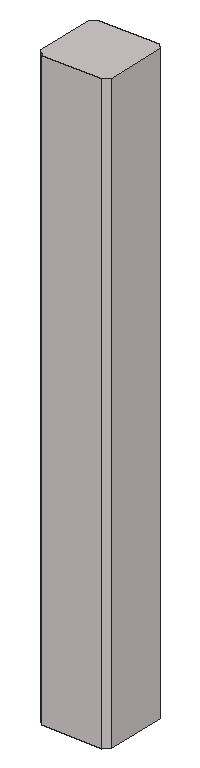
Revit family "M_Precast-Rectangular Column", category 구조 기둥, Revit 2026
Family settings
  숨겨진 뷰로 표시 = 다른 부재에 가려진 모서리
  단면 모양 = 정의되지 않음
  모델 동작 재료 = 프리캐스트 콘크리트
  항상 형상으로 내보내기 = 아니오
  평면의 보 전환 = 경계 상자에서
  로드될 때 보이드를 사용하여 절단 = 아니오
  기호 표현 = 패밀리에서
  공유 = 아니오
  평면도에서 미리 절단된 패밀리 표시 = 예
Parameters (values of type "300 x 300mm")
  Structural Material [instance] = Concrete - Precast Concrete - 35 MPa
  Chamfer = 25 mm
  b = 300 mm
  h = 300 mm
Types (4, lengths in mm): name | Chamfer | b | h
  (no name) | 25 | 300 | 300
  300 x 300mm | 25 | 300 | 300
  450 x 450mm | 25 | 450 | 450
  600 x 600mm | 40 | 600 | 600
Reference planes
  plane 1 "Center (Front/Back)": y = 0
  plane 2: z = 0
  plane 3 "Center (Left/Right)": x = 0
  plane 4: x = -150
  plane 5: x = 150
  plane 6: y = 150
  plane 7: y = -150
  plane 8: x = -125
  plane 9: y = -125
  plane 10: x = 125
  plane 11: y = 125
Forms (mm)
  Extrusion 1, solid, material "Concrete - Precast Concrete - 35 MPa" <- "Structural Material"
    sketch origin (0, 0, 0) x (1, 0, 0) y (0, 1, 0)
      loop
        line (-125, 150) -> (-150, 125) -> (-150, -125) -> (-125, -150) -> (125, -150) -> (150, -125) -> (150, 125) -> (125, 150) -> (-125, 150)
    from 0 to 2500
Dimensions and locks
  equal spacing: plane 4, plane 3 "Center (Left/Right)", plane 5
  equal spacing: plane 7, plane 1 "Center (Front/Back)", plane 6
  "h": plane 7 to plane 6
  "b": plane 4 to plane 5
  "Chamfer": plane 4 to plane 8
  "Chamfer": plane 10 to plane 5
  "Chamfer": plane 11 to plane 6
  "Chamfer": plane 7 to plane 9
  aligned and locked: plane 6 to Extrusion 1 sketch curve
  aligned and locked: Extrusion 1 sketch curve to plane 7
  aligned and locked: Extrusion 1 sketch curve to plane 4
  aligned and locked: plane 5 to Extrusion 1 sketch curve
  aligned and locked: level to Extrusion 1
  aligned and locked: level to plane 2
  aligned and locked: Extrusion 1 to plane 2
Automatic sketch dimensions
  Extrusion 1 sketch curve to plane 8 = 0 mm  (x2)
  Extrusion 1 sketch curve to plane 10 = 0 mm  (x2)
  Extrusion 1 sketch curve to plane 9 = 0 mm  (x2)
  Extrusion 1 sketch curve to plane 11 = 0 mm  (x2)
